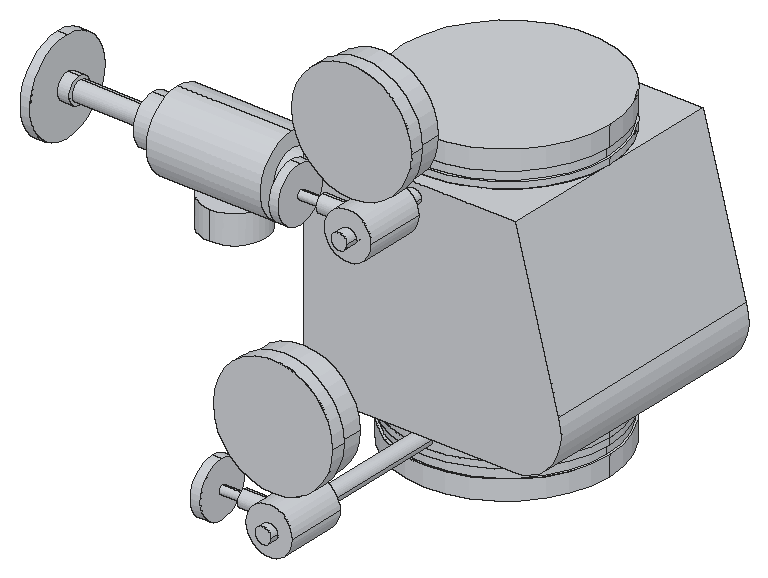
Revit family
Reference planes (in)
  plane 1 "Center (Front/Back)": y = 0
  plane 2: z = 0
  plane 3 "Center (Left/Right)": x = 0
Dimensions and locks (in)
  aligned and locked: plane 2 to level
Nested families (in)
  nested 1: "6RC" at (0, 2.09954, 0), type "RASCO MODEL G RISER CHECK W/ TRIM"
Connectors (in)
  piping at (0.00229, -0.00335, 10.125)
    settings: on nested 1, index 1, connector radius 3 1/4", flow factor 0, pipe flow 0 GPM, pressure drop 0.00 psi, fitting loss kfactor 0, connector angle 0.00°, fixture units 0, flow configuration 0, flow direction 0, fitting loss method 0, system type 7, connector reference index -1, connector utility 0, adjustable connector no, is connector primary yes, fitting loss table "", connector description ""
  piping at (0, -0.01323, 0)
    settings: on nested 1, index 2, connector radius 3 1/4", flow factor 0, pipe flow 0 GPM, pressure drop 0.00 psi, fitting loss kfactor 0, connector angle 0.00°, fixture units 0, flow configuration 0, flow direction 0, fitting loss method 0, system type 7, connector reference index -1, connector utility 0, adjustable connector no, is connector primary no, fitting loss table "", connector description ""
  piping at (-8.74996, -0.01323, 2.99107)
    settings: on nested 1, index 3, connector radius 1", flow factor 0, pipe flow 0 GPM, pressure drop 0.00 psi, fitting loss kfactor 0, connector angle 0.00°, fixture units 0, flow configuration 0, flow direction 0, fitting loss method 0, system type 7, connector reference index -1, connector utility 0, adjustable connector no, is connector primary no, fitting loss table "", connector description ""
Definition of nested family "6RC"
  Reference planes (in)
    plane 1 "Center (Front/Back)": y = 0
    plane 2: z = 0
    plane 3 "Center (Left/Right)": x = 0
    plane 4 "ref.2": z = 0.62514
    plane 5: z = 7.125
    plane 6 "name": y = -3.125
    plane 7 "REF3": z = 0.93714
    plane 8: x = -14.44
  Forms (in)
    Sweep 1, solid
      path origin (-1.47368, 0, 1.26686) x (1, 0, 0) y (0, 0, 1)
        loop
          line (-5.70882, 3.88231) -> (-2.36529, 3.88231) -> (-2.27852, 3.88231)
      profile origin (-5.51074, 0, 5.14916) x (0, 0, 1) y (0, -1, 0)
        loop
          circle (0, 2.11617) r 0.75
    Sweep 2, solid
      path origin (0, -4.01464, 3.10813) x (0, 1, 0) y (0, 0, 1)
        loop
          line (-1.82106, 5.45912) -> (-4.82106, 5.45912)
      profile origin (0, -7.33569, 8.56725) x (0, 0, -1) y (1, 0, 0)
        loop
          circle (0, 0) r 0.25
    Sweep 3, solid
      path origin (0, -4.00223, 0.0103) x (0, 1, 0) y (0, 0, 1)
        loop
          line (-7.88786, 1.36957) -> (-1.38786, 1.36957)
      profile origin (0, -8.64009, 1.37987) x (0, 0, 1) y (1, 0, 0)
        loop
          circle (0.06652, 0) r 0.25
  Dimensions and locks (in)
    aligned and locked: plane 2 to level
  Nested families (in)
    nested 1: "Angle valve2" at (-10.88476, -2.11277, 2.4808), type "RASCO Valve, Angle , 1 1/4""
    nested 2: "Gauge" at (0, -7.13964, 5.07679), type "RASCO Gauge"
    nested 3: "Gauge" at (0, -10.29453, -2.02352), type "RASCO Gauge"
    nested 4: "Globe Valve2" at (0.21925, -11.04453, 0.19608), type "RASCO Globe Valve"
    nested 5: "Globe Valve2" at (0.21946, -7.88964, 7.30649), type "RASCO Globe Valve"
    nested 6: "6in Model G RISER Valve" at (0, -2.11277, 0), type "6in Model G RISER Valve"
  Definition of nested family "Angle valve2"
    Parameters (values of type "RASCO Valve, Angle , 1 1/4"")
      Assembly Code = ""
    Reference planes (in)
      plane 1 "Center (Front/Back)": y = 0
      plane 2: z = 0
      plane 3 "Center (Left/Right)": x = 0
      plane 4 "ref.2": z = 4.346
      plane 5 "ref.3": z = 6.346
      plane 6 "ref.4": z = 8.166
      plane 7 "ref.5": z = 8.566
      plane 8 "ref. side": x = 1.57537
    Forms (in)
      Extrusion 1, solid
        sketch origin (5.08313, 0, 2.63157) x (-0.00712, 0, -0.999975) y (0, -1, 0)
          loop
            circle (0, 0) r 1.25
        from 1.10297 to 4.76608
      Extrusion 2, solid
        sketch origin (0.31715, 0, 2.66197) x (0.00712, 0, 0.999975) y (0, 1, 0)
          loop
            circle (0, 0) r 0.77644
        from 0 to 0.804
      Extrusion 3, solid
        sketch origin (-0.96692, 0, 2.65669) x (0.00712, 0, 0.999975) y (0, 1, 0)
          loop
            circle (0, 0) r 0.3125
        from -0.48 to 1.87297
      Extrusion 4, solid
        sketch origin (-2.83984, 0, 2.67182) x (0.00712, 0, 0.999975) y (0, 1, 0)
          loop
            circle (0, 0) r 0.4125
        from 0 to 0.4
      Extrusion 5, solid
        sketch origin (-3.24009, 0, 2.63833) x (0, -1, 0) y (0.00712, 0, 0.999975)
          loop
            circle (0, 0) r 1.5
        from 0 to 0.3
      Extrusion 6, solid
        sketch origin (4.60938, 0, 1.41268) x (-0.999975, 0, 0.00712) y (0, 1, 0)
          loop
            circle (2.4681, 0) r 1
        from 0.01319 to 0.92
    Dimensions and locks (in)
      Extrusion 5 to Extrusion 1 = 0' - 7.52008"
      aligned and locked: plane 2 to level
  Definition of nested family "Gauge"
    Reference planes (in)
      plane 1 "Center (Front/Back)": y = 0
      plane 2: z = 0
      plane 3 "Center (Left/Right)": x = 0
      plane 4: z = 7.47962
      plane 5 "ref.2": y = -0.425
      plane 6 "ref.3": z = 5.65212
      plane 7 "refdt": y = -1.191
    Forms (in)
      Extrusion 1, solid
        sketch origin (0, -1.191, -1.051) x (-1, 0, 0) y (0, 0, 1)
          loop
            circle (0, 7.47962) r 1.9225
        from 0 to 0.425
      Extrusion 2, solid
        sketch origin (0, -0.766, -1.051) x (0, 0, 1) y (1, 0, 0)
          loop
            circle (7.47962, 0) r 1.8275
        from 0 to 0.766
      Extrusion 3, solid
        sketch origin (0, -1.191, 4.60112) x (1, 0, 0) y (0, 1, 0)
          loop
            circle (0, 0.80101) r 0.2725
        from 0 to -1.146
    Lines and regions (in)
      model lines
        curve 1: arc (-1.6525, -1.191, 6.42862) -> (0, -1.191, 8.08112) -> (1.6525, -1.191, 6.42862) r 1.6525
        curve 2: arc (-1.4775, -1.191, 6.42862) -> (0, -1.191, 7.90612) -> (1.4775, -1.191, 6.42862) r 1.4775
        curve 3: line (-1.6525, -1.191, 6.42862) -> (-1.4775, -1.191, 6.42862)
        curve 4: line (1.4775, -1.191, 6.42862) -> (1.6525, -1.191, 6.42862)
        curve 5: line (-0.53387, -1.191, 6.23266) -> (0.86594, -1.191, 7.32631)
        curve 6: line (0.86594, -1.191, 7.32631) -> (-0.38079, -1.191, 6.07958)
        curve 7: line (-0.38079, -1.191, 6.07958) -> (-0.53387, -1.191, 6.23266)
    Dimensions and locks (in)
      aligned and locked: plane 2 to level
  Definition of nested family "Globe Valve2"
    Parameters (values of type "RASCO Globe Valve")
      Assembly Code = ""
    Reference planes (in)
      plane 1 "Center (Front/Back)": y = 0
      plane 2: z = 0
      plane 3 "Center (Left/Right)": x = 0
      plane 4 "ref. side": x = -0.5
      plane 5 "ref. side2": x = -1.734
      plane 6 "ref. side 4": x = -2.763
    Forms (in)
      Extrusion 1, solid
        sketch origin (-0.22225, -0.51301, 1.26951) x (1, 0, 0) y (0, 0, -1)
          loop
            circle (0, 0) r 0.75
        from -0.07961 to 1.82121
      Extrusion 2, solid
        sketch origin (-1.77701, -0.51016, 1.24486) x (0, 1, 0) y (0, 0, 1)
          loop
            circle (0.86289, 0) r 0.265
        from -0.00766 to 1.234
      Extrusion 3, solid
        sketch origin (-1.78467, -0.49129, 1.24486) x (0, -1, 0) y (0, 0, 1)
          loop
            circle (-0.85773, 0) r 0.135
        from 0 to 1.029
      Extrusion 4, solid
        sketch origin (-2.81367, -0.49129, 1.24486) x (0, 1, 0) y (0, 0, 1)
          loop
            circle (0.85138, 0) r 0.87523
        from 0 to 0.3
    Dimensions and locks (in)
      aligned and locked: plane 2 to level
  Definition of nested family "6in Model G RISER Valve"
    Reference planes (in)
      plane 1 "Center (Front/Back)": y = 0
      plane 2: z = 0
      plane 3 "Center (Left/Right)": x = 0
      plane 4 "ref.2": z = 0.62514
      plane 5: z = 10.125
      plane 6 "name": y = -3.125
      plane 7 "REF3": z = 0.93714
    Forms (in)
      Extrusion 1, solid
        sketch origin (0, 0, 0) x (1, 0, 0) y (0, 1, 0)
          loop
            circle (0, 0) r 3.3075
        from 0 to 0.625
      Extrusion 2, solid
        sketch origin (0, 0, 0.62514) x (-1, 0, 0) y (0, -1, 0)
          loop
            circle (0, 0) r 3.308
        from 0.512 to 8.36286
      Extrusion 3, solid
        sketch origin (0, 0, -0.01919) x (-1, 0, 0) y (0, 0, -1)
          loop
            line (-4.67656, -3.85646) -> (-3.30765, -9.00719) -> (3.5, -9.00719) -> (3.5, -1.76919) -> (-2.062, -1.76919) -> (-3.20482, -1.76919)
            arc (-3.20482, -1.76919) -> (-4.4818, -2.43129) -> (-4.67656, -3.85646) r 1.5625
        from -3.75222 to 3.75
      Extrusion 4, solid
        sketch origin (0, 0, 0.62514) x (-1, 0, 0) y (0, -1, 0)
          loop
            circle (0, 0) r 3.228
        from 0 to 0.312
      Extrusion 5, solid
        sketch origin (0, 0, 0.93714) x (-1, 0, 0) y (0, -1, 0)
          loop
            circle (0, 0) r 3.308
        from 0 to 0.2
      Extrusion 6, solid
        sketch origin (0.00229, 0.00987, 9.5) x (0, 1, 0) y (-1, 0, 0)
          loop
            circle (0, 0) r 3.3075
        from 0 to 0.625
      Extrusion 7, solid
        sketch origin (0.00047, 0.00987, 9.188) x (0, -1, 0) y (1, 0, 0)
          loop
            circle (0, 0) r 3.2275
        from 0 to 0.312
      Extrusion 8, solid
        sketch origin (-0.00035, 0.00987, 8.988) x (0, -1, 0) y (1, 0, 0)
          loop
            circle (0, 0) r 3.308
        from 0 to 0.2
      Extrusion 9, solid
        sketch origin (0, 0, 0) x (0, 1, 0) y (0, 0, 1)
          loop
            circle (0, 5.125) r 1.75
        from 0 to -4.00947
    Dimensions and locks (in)
      level to plane 5 = 0' - 10 1/8"
      aligned and locked: plane 2 to level
